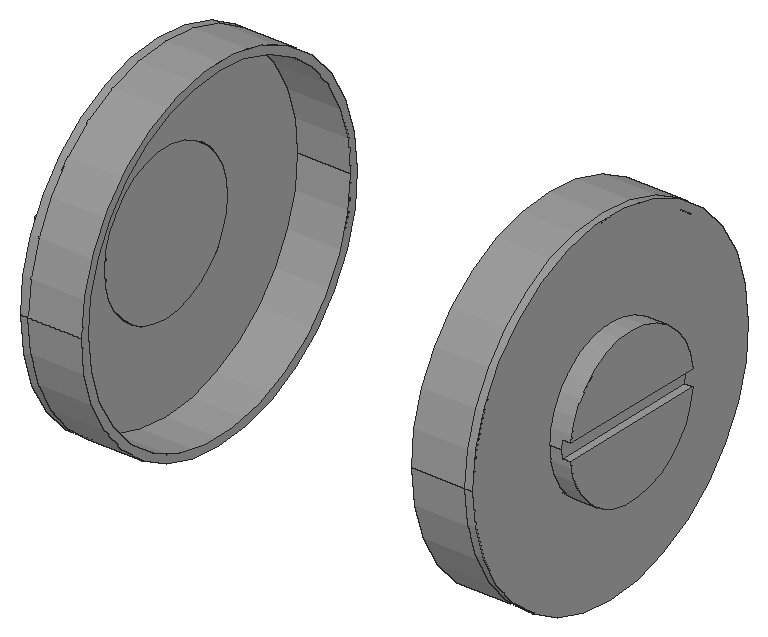
Revit family "DWC 005", category Specialty Equipment, Revit 2012
Parameters (values of type "DWC 005")
  Type Comments = "DORMA DWC 005"
  Model = "DWC 005"
  Manufacturer = "DORMA"
  Description = "DORMA DWC 005 W/C INDICATOR"
Reference planes
  plane 1 "Center (Front/Back)": y = 0
  plane 2: z = 0
  plane 3 "Center (Left/Right)": x = 0
Forms (mm)
  Sweep 1, solid, material "Matt chrome"
    path origin (0, 0, 0) x (1, 0, 0) y (0, 1, 0)
      loop
        line (-25.52, 22.5) -> (-18.52, 22.5)
    profile origin (-22.02, 22.5, 0) x (0, 1, 0) y (0, 0, 1)
      loop
        circle (-22.5, 22.5) r 22.5
      loop
        circle (-22.5, 22.5) r 21.5
  Sweep 2, solid, material "Matt chrome"
    path origin (0, 0, 0) x (1, 0, 0) y (0, 1, 0)
      loop
        line (-25.52, 0) -> (-27.319, 0)
    profile origin (-26.419, 0, 0) x (0, -1, 0) y (0, 0, 1)
      loop
        circle (0, 22.5) r 10
  Extrusion 3, solid, material "Matt chrome"
    sketch origin (0, 0, 18.5) x (1, 0, 0) y (0, 1, 0)
      loop
        line (-27.319, -10.33) -> (-27.319, 10.291) -> (-34.413, 10.291) -> (-34.413, -10.33) -> (-27.319, -10.33)
    from 0 to 8
  Sweep 4, void
    path origin (0, 0, 0) x (1, 0, 0) y (0, 1, 0)
      loop
        line (-34.413, -14.5) -> (-34.413, 14.5)
    profile origin (-34.413, 0, 0) x (-1, 0, 0) y (0, 0, 1)
      loop
        line (-7.094, 26.5) -> (-0.66, 26.163)
        arc (-0.66, 26.163) -> (-0.191, 25.947) -> (0, 25.467) r 0.697
        line (0, 25.467) -> (0, 19.545)
        arc (0, 19.545) -> (-0.195, 19.057) -> (-0.672, 18.837) r 0.709
        line (-0.672, 18.837) -> (-7.094, 18.5) -> (-7.094, 17.661) -> (0.985, 17.661) -> (0.985, 27.5) -> (-7.094, 27.5) -> (-7.094, 26.5)
  Extrusion 5, solid, material "Matt chrome", not visible
    sketch origin (-7.02, 0.036, 0) x (1, 0, 0) y (0, 1, 0)
      loop
        line (-18.5, -22.536) -> (-18.5, 22.464) -> (-19.5, 22.464) -> (-19.5, -22.536) -> (-18.5, -22.536)
    from 0 to 45
  Sweep 6, solid, material "Matt chrome", not visible
    path origin (0, 0, 0) x (1, 0, 0) y (0, 1, 0)
      loop
        line (-25.52, 22.5) -> (-18.52, 22.5)
    profile origin (-22.02, 22.5, 0) x (0, 1, 0) y (0, 0, 1)
      loop
        line (0, 45) -> (-45, 45) -> (-45, 0) -> (0, 0) -> (0, 45)
      loop
        line (-1, 44) -> (-44, 44) -> (-44, 1) -> (-1, 1) -> (-1, 44)
  Sweep 7, void, not visible
    path origin (0, 0, 0) x (1, 0, 0) y (0, 1, 0)
      loop
        line (-31.601, 6.11) -> (-14.893, 6.11)
    profile origin (-23.247, 6.11, 0) x (0, 1, 0) y (0, 0, 1)
      loop
        line (8.39, 37) -> (-20.61, 37) -> (-20.61, 8) -> (8.39, 8) -> (8.39, 37)
  Extrusion 8, solid, material "Matt chrome", not visible
    sketch origin (0, 0, 0) x (1, 0, 0) y (0, 1, 0)
      loop
        line (-25.52, -14.5) -> (-25.52, 14.5) -> (-26.36, 14.5) -> (-26.36, -14.5) -> (-25.52, -14.5)
    from 8 to 37
  Sweep 9, solid, material "Matt chrome", not visible
    path origin (0, 0, 0) x (1, 0, 0) y (0, 1, 0)
      loop
        line (-26.36, 0) -> (-27.319, 0)
    profile origin (-26.839, 0, 0) x (0, -1, 0) y (0, 0, 1)
      loop
        circle (0, 22.5) r 10
  Extrusion 10, solid, material "Matt chrome", not visible
    sketch origin (0, 0, 18.5) x (1, 0, 0) y (0, 1, 0)
      loop
        line (-27.319, -14.5) -> (-27.319, 14.5) -> (-34.413, 14.5) -> (-34.413, -14.5) -> (-27.319, -14.5)
    from 0 to 8
  Sweep 11, void, not visible
    path origin (0, 0, 0) x (1, 0, 0) y (0, 1, 0)
      loop
        line (-34.413, -14.5) -> (-34.413, 14.5)
    profile origin (-34.413, 0, 0) x (-1, 0, 0) y (0, 0, 1)
      loop
        line (-7.094, 26.5) -> (-0.66, 26.163)
        arc (-0.66, 26.163) -> (-0.191, 25.947) -> (0, 25.467) r 0.697
        line (0, 25.467) -> (0, 19.545)
        arc (0, 19.545) -> (-0.195, 19.057) -> (-0.672, 18.837) r 0.709
        line (-0.672, 18.837) -> (-7.094, 18.5) -> (-7.094, 17.661) -> (0.985, 17.661) -> (0.985, 27.5) -> (-7.094, 27.5) -> (-7.094, 26.5)
  Sweep 12, solid, material "Matt chrome"
    path origin (0, 0, 0) x (1, 0, 0) y (0, 1, 0)
      loop
        line (-25.52, 19.5) -> (-26.52, 19.5)
    profile origin (-26.02, 19.5, 0) x (0, -1, 0) y (0, 0, 1)
      loop
        circle (19.5, 22.5) r 22.5
      loop
        circle (19.5, 22.5) r 10
  Sweep 13, solid, material "Matt chrome"
    path origin (6.105, 0, 0) x (-1, 0, 0) y (0, 1, 0)
      loop
        line (-25.52, 22.5) -> (-18.52, 22.5)
    profile origin (28.125, 22.5, 0) x (0, -1, 0) y (0, 0, 1)
      loop
        circle (22.5, 22.5) r 22.5
      loop
        circle (22.5, 22.5) r 21.5
  Sweep 14, solid, material "Matt chrome"
    path origin (6.105, 0, 0) x (-1, 0, 0) y (0, 1, 0)
      loop
        line (-25.52, 0) -> (-29.267, 0)
    profile origin (33.498, 0, 0) x (0, 1, 0) y (0, 0, 1)
      loop
        circle (0, 22.5) r 10
  Sweep 15, solid, material "Matt chrome"
    path origin (6.105, 0, 0) x (-1, 0, 0) y (0, 1, 0)
      loop
        line (-25.52, 19.5) -> (-26.52, 19.5)
    profile origin (32.125, 19.5, 0) x (0, 1, 0) y (0, 0, 1)
      loop
        circle (-19.5, 22.5) r 22.5
      loop
        circle (-19.5, 22.5) r 10
  Extrusion 16, void
    sketch origin (0, 0, -2.842) x (1, 0, 0) y (0, 1, 0)
      loop
        line (34.293, 11.178) -> (34.293, -11.911) -> (36.661, -11.911) -> (36.661, 11.178) -> (34.293, 11.178)
    from 24.309 to 26.5
Cuts and joins
  joined: Sweep 1, Sweep 12
  Sweep 4 cuts Sweep 2
  Sweep 4 cuts Extrusion 3
  Extrusion 16 cuts Sweep 14
  joined: Sweep 13, Sweep 15
Dimensions and locks
  cut or joined group of Sweep 13, Sweep 15 to cut or joined group of Sweep 13, Sweep 15 = 45 mm
  cut or joined group of Sweep 1, Sweep 12 to cut or joined group of Sweep 1, Sweep 12 = 45 mm
  cut or joined group of Sweep 2, Sweep 4 to cut or joined group of Sweep 2, Sweep 4 = 20 mm
  aligned and locked: level to plane 2
